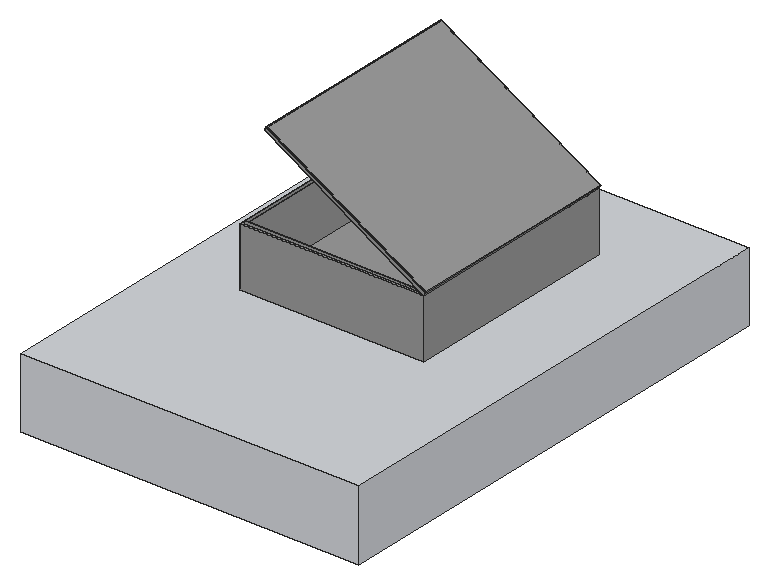
Revit family "Hager-Univers-IP55-D275-H950-Cl.I-Steel_encl-NL-en", category Equipement électrique, Revit 2020
Family settings
  Hôte = Face
  Configuration du panneau = Deux colonnes, circuits au sein
  Cote de connecteur circulaire = Utiliser le diamètre
  Type d'élément = Tableau de raccordement
  Couper avec des vides une fois chargée = Non
  Partagée = Non
  Point de calcul de pièce = Non
Parameters (values of type "Surface mounted (plaster) IP55 W800 H950 D275  - FR63E")
  Width Control [instance] = if([EF000008 - Width] > Min Width, [EF000008 - Width], Min Width)  # 800 mm
  Commentaires du type = [HG000003 - Range]  # "Univers"
  Thickness Door [instance] = if([EF009171 - Material plate thickness door/cover] > 3 mm, 3 mm, [EF009171 - Material plate thickness door/cover])  # 1.5 mm
  Seal Frame Offset [instance] = 17 mm  # constant formula
  Plinth Visibility [instance] = [HG000027 - Plinth height] > 0 mm  # no
  Model = ""
  Min Width [instance] = 100 mm  # constant formula
  Min Height [instance] = 100 mm  # constant formula
  Min Depth [instance] = (2 * [EF009170 - Material plate thickness cabinet]) + 1 mm  # 4 mm
  Internal Frame Depth [instance] = (Door System Depth * 0.5)  # 9 mm
  Height Control [instance] = if([EF000040 - Height] > Min Height, [EF000040 - Height], Min Height)  # 950 mm
  HG000027 - Plinth height = 0 mm
  HG000026 - Floor standing = no
  HG000024 - Bottom section height = 800 mm
  HG000023 - Double section enclosure = no
  HG000016 - Door 3d visibility [instance] = yes
  HG000015 - Clearance visibility [instance] = no
  HG000014 - Door on the right [instance] = yes
  HG000013 - Door on the left [instance] = not([HG000014 - Door on the right])  # no
  HG000012 - Door swing angle [instance] = 30.00°
  HG000010 - Asymmetric doors = no
  HG000009 - Double swing door = no
  HG000006 - Flush mounted = no
  HG000004 - Manufacturer reference = "FR63E"
  HG000003 - Range = "Univers"
  HG000002 - With door or cover = yes
  Frame Offset Bottom [instance] = 10 mm  # constant formula
  Frame Offset [instance] = 15 mm  # constant formula
  EF015940 - Cover with overpressure release = no
  EF011959 - Degree of protection (NEMA) = ""
  EF009554 - Number of openings for flange plates = 6
  EF009212 - Cover model = "EV000116 - Closed"
  EF009171 - Material plate thickness door/cover = 1.5 mm
  EF009170 - Material plate thickness cabinet = 1.5 mm
  Fabricant = "Hager"  # constant formula
  EF008873 - Nominal current (In) = 800 A
  EF007800 - Suitable for lightning protection = no
  EF006306 - With lock = no
  EF006244 - Transparent cover/door = no
  EF005474 - Degree of protection (IP) = "EV006420 - IP55"
  EF004464 - Type of door = "EV002646 - Single"
  EF004427 - Number of modules = 216
  EF004293 - Impact strength = "EV008784 - IK10"
  EF003532 - Suitable for outdoor use = no
  EF002950 - Width in number of modular spacings = 24
  EF001613 - Circuit integrity = "EV000494 - None"
  EF001596 - Material housing = "EV000179 - Steel"
  EF001131 - Internal depth = 275 mm
  EF001088 - Extension possible = yes
  EF000437 - Number of conduit inlets = 6
  EF000339 - Type of cover = "EV004216 - Door"
  EF000266 - Number of rows = 6
  EF000218 - Built-in depth = 0 mm
  EF000118 - With mounting plate = no
  EF000116 - RAL-number = "7035"
  EF000049 - Depth = 275 mm
  EF000040 - Height = 950 mm
  EF000008 - Width = 800 mm
  EF000007 - Colour = "EV000270 - Grey"
  EF000003 - Mounting method = "EV000384 - Surface mounted (plaster)"
  Door System Leaf Tolerance [instance] = 1.5 mm  # constant formula
  Door System Depth [instance] = 18 mm  # constant formula
  Door Height [instance] = Height Control - [HG000027 - Plinth height]  # 950 mm
  Depth Control [instance] = if([EF000049 - Depth] > Min Depth, [EF000049 - Depth], Min Depth)  # 275 mm
  Default Elevation = 0 mm
  Connector Offset [instance] = Height Control / 2  # 475 mm
  Bottom Top Plate Trim [instance] = 1.5 mm  # constant formula
  Plinth height Ctrl [instance] = if([HG000027 - Plinth height] > 0 mm, [HG000027 - Plinth height], 12 mm)  # 12 mm
Types (5, lengths in mm): name | Width Control | HG000010 - Asymmetric doors | HG000009 - Double swing door | HG000004 - Manufacturer reference | EF009554 - Number of openings for flange plates | EF004464 - Type of door | EF004427 - Number of modules | EF000437 - Number of conduit inlets | EF000008 - Width
  Surface mounted (plaster) IP55 W1050 H950 D275  - FR64E | 1050 | no | yes | "FR64E" | 8 | "EV003602 - Double" | 288 | 8 | 1050
  Surface mounted (plaster) IP55 W1300 H950 D275  - FR65E | 1300 | yes | yes | "FR65E" | 10 | "EV003602 - Double" | 360 | 10 | 1300
  Surface mounted (plaster) IP55 W300 H950 D275  - FR61E | 300 | no | no | "FR61E" | 2 | "EV002646 - Single" | 72 | 2 | 300
  Surface mounted (plaster) IP55 W550 H950 D275  - FR62E | 550 | no | no | "FR62E" | 4 | "EV002646 - Single" | 144 | 4 | 550
  Surface mounted (plaster) IP55 W800 H950 D275  - FR63E | 800 | no | no | "FR63E" | 6 | "EV002646 - Single" | 216 | 6 | 800
Reference planes
  plane 1 "Center (Front/Back)": y = 0
  plane 2: z = 0
  plane 3 "Center (Left/Right)": x = 0
  plane 4: z = 275
  plane 5: y = 1.5
  plane 6: y = 475
  plane 7: y = 0
  plane 8: y = 950
  plane 9: z = 0
  plane 10: x = -385
  plane 11: x = 385
  plane 12: x = 383.5
  plane 13: x = -383.5
  plane 14: y = 948.5
  plane 15: x = -383
  plane 16: x = -400
  plane 17: x = 383
  plane 18: x = 400
  plane 19: x = 398.5
  plane 20: x = -398.5
  plane 21: y = 11.5
  plane 22: y = 950
  plane 23: y = 933.5
  plane 24: z = 257
  plane 25: z = 1.5
  plane 26: z = 255.5
  plane 27: z = 273.5
Forms (mm)
  Extrusion 1, solid
    sketch origin (0, 0, 0) x (1, 0, 0) y (0, 1, 0)
      loop
        line (-702.964, 1305) -> (-702.964, -811.445) -> (766.763, -811.445) -> (766.763, 1305) -> (-702.964, 1305)
    from 0 to -304.8
  Extrusion 2, solid, material "Hager_Steel_RAL7035_Light_Grey", visible <- "Plinth Visibility", detail levels medium+fine
    sketch origin (0, 0, 0) x (1, 0, 0) y (0, 1, 0)
      loop
        line (-400, 0) -> (400, 0) -> (400, 12) -> (-400, 12) -> (-400, 0)
    from 0 to 257
  Extrusion 3, solid, material "Hager_Steel_RAL7035_Light_Grey", detail levels medium+fine
    sketch origin (0, 0, 0) x (1, 0, 0) y (0, 1, 0)
      loop
        line (-400, 0) -> (400, 0) -> (400, 950) -> (-400, 950) -> (-400, 0)
    from 0 to 257
  Extrusion 4, void
    sketch origin (0, 0, 0) x (1, 0, 0) y (0, 1, 0)
      loop
        line (-398.5, 1.5) -> (398.5, 1.5) -> (398.5, 948.5) -> (-398.5, 948.5) -> (-398.5, 1.5)
    from 1.5 to 255.5
  Extrusion 5, void
    sketch origin (-381.607, -4572, 257) x (0, -1, 0) y (-1, 0, 0)
      loop
        line (-4583.5, 1.893) -> (-5505.5, 1.893) -> (-5505.5, -765.107) -> (-4583.5, -765.107) -> (-4583.5, 1.893)
    from 0 to 1.5 <- "EF009170 - Material plate thickness cabinet"
  Extrusion 6, solid, material "Hager_Steel_RAL7035_Light_Grey", detail levels fine
    sketch origin (0, 0, 257) x (1, 0, 0) y (0, 1, 0)
      loop
        line (-383.5, 933.5) -> (-383.5, 11.5) -> (383.5, 11.5) -> (383.5, 933.5) -> (-383.5, 933.5)
      loop
        line (-385, 10) -> (385, 10) -> (385, 935) -> (-385, 935) -> (-385, 10)
    from 0 to 9 <- "Internal Frame Depth"
  Extrusion 7, solid, material "Hager_Steel_RAL7035_Light_Grey", detail levels coarse
    sketch origin (0, 0, 0) x (1, 0, 0) y (0, 1, 0)
      loop
        line (-400, 0) -> (400, 0) -> (400, 950) -> (-400, 950) -> (-400, 0)
    from 0 to 275
  Sweep 8, void
    path in 3D
      loop
        line (-400, 12, 0) -> (400, 12, 0) -> (400, 12, 257) -> (-400, 12, 257) -> (-400, 12, 0)
    profile origin (-400, 12, 128.5) x (-1, 0, 0) y (0, -1, 0)
      loop
        line (0, 0) -> (0, 1.5) -> (-1.5, 1.5)
        arc (-1.5, 1.5) -> (-1.061, 0.439) -> (0, 0) r 1.5
Cuts and joins
  Extrusion 4, Extrusion 5 cuts Extrusion 3
  Sweep 8 cuts Extrusion 2
Lines and regions (mm)
  Masking region 1
    outline origin (0, 0, 0) x (1, 0, 0) y (0, 0, 1)
      loop
        line (-400, 275) -> (-400, 0) -> (400, 0) -> (400, 275) -> (-400, 275)
  Masking region 2, detail levels medium+fine
    outline origin (0, 140, 0) x (0, 1, 0) y (0, 0, 1)
      loop
        line (-140, 0) -> (810, 0) -> (810, 257) -> (-140, 257) -> (-140, 0)
  Masking region 3, not visible, detail levels medium+fine
    outline origin (0, 297.922, 0) x (0, 1, 0) y (0, 0, 1)
      loop
        line (188.578, 0) -> (228.578, 0) -> (228.578, 263.5)
        arc (228.578, 263.5) -> (225.649, 270.571) -> (218.578, 273.5) r 10
        line (218.578, 273.5) -> (188.578, 273.5) -> (188.578, 0)
  Masking region 4, detail levels coarse
    outline origin (0, 0, 180) x (0, 1, 0) y (0, 0, 1)
      loop
        line (0, -180) -> (950, -180) -> (950, 95) -> (0, 95) -> (0, -180)
  Masking region 5, visible <- "Plinth Visibility", detail levels medium+fine
    outline origin (0, 52.24, 12.345) x (0, 0, -1) y (0, 1, 0)
      loop
        line (10.845, -40.24) -> (-243.155, -40.24)
        arc (-243.155, -40.24) -> (-243.594, -41.301) -> (-244.655, -41.74) r 1.5
        line (-244.655, -41.74) -> (-244.655, -52.24) -> (12.345, -52.24) -> (12.345, -41.74)
        arc (12.345, -41.74) -> (11.285, -41.301) -> (10.845, -40.24) r 1.5
  Masking region 6, detail levels medium+fine
    outline origin (-381.607, -4572, 257) x (-1, 0, 0) y (0, -1, 0)
      loop
        line (18.393, -5522) -> (18.393, -4572) -> (-781.607, -4572) -> (-781.607, -5522) -> (18.393, -5522)
  Masking region 7, visible <- "Plinth Visibility", detail levels medium+fine
    outline origin (-381.607, -4727, 257) x (-1, 0, 0) y (0, -1, 0)
      loop
        arc (16.893, -4739) -> (17.332, -4737.939) -> (18.393, -4737.5) r 1.5
        line (18.393, -4737.5) -> (18.393, -4727) -> (-781.607, -4727) -> (-781.607, -4737.5)
        arc (-781.607, -4737.5) -> (-780.546, -4737.939) -> (-780.107, -4739) r 1.5
        line (-780.107, -4739) -> (16.893, -4739)
  Masking region 8, detail levels coarse
    outline origin (-442.548, -4669.526, 257) x (-1, 0, 0) y (0, -1, 0)
      loop
        line (-42.548, -5619.526) -> (-42.548, -4669.526) -> (-842.548, -4669.526) -> (-842.548, -5619.526) -> (-42.548, -5619.526)
  sketch lines
    curve 1: line (-400, 12, 257) -> (-400, 12, 0)
    curve 2: line (400, 12, 257) -> (-400, 12, 257)
    curve 3: line (400, 12, 257) -> (400, 12, 0)
    curve 4: line (-400, 12, 0) -> (400, 12, 0)
Dimensions and locks
  "Depth Control": plane 4 to Extrusion 1
  "HG000027 - Plinth height": plane 1 "Center (Front/Back)" to plane 7
  "EF009170 - Material plate thickness cabinet": plane 5 to plane 7
  locked: connector elem to plane 3 "Center (Left/Right)"
  equal spacing: plane 8, plane 6, plane 7
  locked: connector elem to plane 6
  "EF009170 - Material plate thickness cabinet": plane 8 to plane 14
  "EF009170 - Material plate thickness cabinet": plane 10 to plane 13
  "EF009170 - Material plate thickness cabinet": plane 12 to plane 11
  "Frame Offset": plane 20 to plane 13
  "Frame Offset": plane 12 to plane 19
  "EF009170 - Material plate thickness cabinet": plane 16 to plane 20
  "EF009170 - Material plate thickness cabinet": plane 19 to plane 18
  "Seal Frame Offset": plane 16 to plane 15
  "Seal Frame Offset": plane 17 to plane 18
  "Frame Offset Bottom": plane 21 to plane 5
  "Frame Offset": plane 14 to plane 23
  equal spacing: plane 16, plane 3 "Center (Left/Right)", plane 18
  "Width Control": plane 16 to plane 18
  "EF009170 - Material plate thickness cabinet": plane 4 to plane 27
  "EF009170 - Material plate thickness cabinet": plane 24 to plane 26
  "EF009170 - Material plate thickness cabinet": plane 25 to level
  "Door System Depth": plane 4 to plane 24
  "Height Control": plane 1 "Center (Front/Back)" to Extrusion 7 sketch curve
  "Height Control": Masking region 4 sketch curve to plane 1 "Center (Front/Back)"
  "Height Control": plane 1 "Center (Front/Back)" to plane 22
  "Bottom Top Plate Trim": profile plane to Sweep 8 sketch curve
  "Bottom Top Plate Trim": Sweep 8 sketch curve to profile plane
  "Plinth height Ctrl": plane 1 "Center (Front/Back)" to Extrusion 2 sketch curve
  "Plinth height Ctrl": Masking region 5 sketch curve to plane 1 "Center (Front/Back)"
  "Plinth height Ctrl": plane 1 "Center (Front/Back)" to Masking region 7 sketch curve
  "Thickness Door": Extrusion 6 sketch curve to Extrusion 6 sketch curve  (x3)
  "Thickness Door": cut or joined group of Extrusion 3, Extrusion 4, Extrusion 5 to Extrusion 6 sketch curve
  radius of Masking region 3 sketch curve = 10 mm
  "Bottom Top Plate Trim": radius of Masking region 5 sketch curve  (x2)
  "Bottom Top Plate Trim": radius of Sweep 8 sketch curve
  "Bottom Top Plate Trim": radius of Masking region 7 sketch curve  (x2)
  aligned and locked: plane 2 to Extrusion 1
  aligned and locked: level to Extrusion 1
  aligned and locked: level to Masking region 1 sketch curve
  aligned and locked: Masking region 1 sketch curve to plane 18
  aligned and locked: Masking region 1 sketch curve to plane 16
  aligned and locked: plane 7 to Masking region 2 sketch curve
  aligned and locked: level to Masking region 3 sketch curve
  aligned and locked: Masking region 3 sketch curve to plane 27
  aligned and locked: level to Masking region 2 sketch curve
  aligned and locked: plane 1 "Center (Front/Back)" to Extrusion 2 sketch curve
  aligned and locked: Extrusion 3 sketch curve to plane 7
  aligned and locked: plane 16 to Extrusion 3 sketch curve
  aligned and locked: plane 18 to Extrusion 3 sketch curve
  aligned and locked: plane 20 to Extrusion 4 sketch curve
  aligned and locked: plane 19 to Extrusion 4 sketch curve
  aligned and locked: Extrusion 4 sketch curve to plane 5
  aligned and locked: Extrusion 4 to plane 25
  aligned and locked: plane 26 to Extrusion 4
  aligned and locked: plane 24 to Extrusion 3
  aligned and locked: Extrusion 5 sketch curve to plane 21
  aligned and locked: Extrusion 5 sketch curve to plane 13
  aligned and locked: Extrusion 5 sketch curve to plane 12
  aligned and locked: plane 18 to Extrusion 7 sketch curve
  aligned and locked: plane 1 "Center (Front/Back)" to Extrusion 7 sketch curve
  aligned and locked: plane 16 to Extrusion 7 sketch curve
  aligned and locked: plane 4 to Extrusion 7
  aligned and locked: Extrusion 7 to level
  aligned and locked: level to Masking region 4 sketch curve
  aligned and locked: Masking region 4 sketch curve to plane 1 "Center (Front/Back)"
  aligned and locked: Masking region 4 sketch curve to plane 4
  aligned and locked: nested 1 to level
  aligned and locked: nested 1 to plane 16
  aligned and locked: plane 8 to Extrusion 3 sketch curve
  aligned and locked: plane 23 to Extrusion 5 sketch curve
  aligned and locked: plane 14 to Extrusion 4 sketch curve
  aligned and locked: Masking region 2 sketch curve to plane 8
  aligned and locked: level to Masking region 5 sketch curve
  aligned and locked: plane 16 to Extrusion 2 sketch curve
  aligned and locked: plane 18 to Extrusion 2 sketch curve
  aligned and locked: Masking region 5 sketch curve to plane 24
  aligned and locked: Masking region 2 sketch curve to plane 24
  aligned and locked: plane 24 to Extrusion 2
  aligned and locked: profile plane to Sweep 8 sketch curve  (x2)
  aligned and locked: Masking region 6 sketch curve to plane 18
  aligned and locked: Masking region 6 sketch curve to plane 22
  aligned and locked: Masking region 6 sketch curve to plane 16
  aligned and locked: plane 8 to plane 22
  aligned and locked: Masking region 6 sketch curve to plane 7
  aligned and locked: Masking region 7 sketch curve to plane 16
  aligned and locked: Masking region 7 sketch curve to plane 1 "Center (Front/Back)"
  aligned and locked: Masking region 7 sketch curve to plane 18
  aligned and locked: Masking region 8 sketch curve to plane 1 "Center (Front/Back)"
  aligned and locked: Masking region 8 sketch curve to plane 18
  aligned and locked: Masking region 8 sketch curve to plane 22
  aligned and locked: Masking region 8 sketch curve to plane 16
  aligned and locked: nested 2 to plane 7
  aligned and locked: plane 3 "Center (Left/Right)" to nested 2
  aligned and locked: nested 2 to plane 24
  aligned and locked: Extrusion 6 sketch curve to cut or joined group of Extrusion 3, Extrusion 4, Extrusion 5  (x4)
Automatic sketch dimensions
  Extrusion 1 sketch curve to Extrusion 1 sketch curve = 1469.727 mm
  Extrusion 1 sketch curve to Extrusion 1 sketch curve = 2116.445 mm
  Masking region 1 sketch curve to plane 4 = 0 mm
  plane 6 to Masking region 3 sketch curve = 11.5 mm
  Masking region 3 sketch curve to Masking region 3 sketch curve = 30 mm
  Masking region 5 sketch curve to plane 1 "Center (Front/Back)" = 0 mm
Nested families
  nested 1: "Hager_Enclosure_Symbol" at (-400, 0, 0) x (1, 0, 0) z (0, -1, 0), Height <- "Depth Control", Width <- "Width Control", type "Hager_Enclosure_Symbol"
    with Width_Ctrl 800 mm, Width 800 mm, Height_Ctrl 275 mm, Height 275 mm, A_Width_Int 18.047 mm, A_Width 216.562 mm, A_Height_Ctrl 240.625 mm, A_Height 240.625 mm
  nested 2: "EC000058_Univers_Door" at (0, 0, 257) x (1, 0, 0) z (0, 1, 0), Leaf_Tolerance <- "Door System Leaf Tolerance", Angle <- "HG000012 - Door swing angle", Door_Depth <- "Door System Depth", Door_Left <- "HG000013 - Door on the left", Transparent <- "EF006244 - Transparent cover/door", Assymetrical <- "HG000010 - Asymmetric doors", Width <- "Width Control", Clearance <- "HG000015 - Clearance visibility", Double <- "HG000009 - Double swing door", 3d_Door <- "HG000016 - Door 3d visibility", Lock_Visibility <- "EF006306 - With lock", Width_Ctrl <- "Width Control", Door_Right <- "HG000014 - Door on the right", Door <- "HG000002 - With door or cover", Height <- "Door Height", Thickness <- "Thickness Door", type "EC000058_Univers_Door", detail levels medium+fine
    with min_wh 4 mm, Width_Ctrl 800 mm, Width 800 mm, Transparent no, Thickness 1.5 mm, Seal_Material Hager_Rubber, Lock_Visibility no, Lock_Material Hager_Plastic_RAL9005_Jet_Black, Leaf_Width 800 mm, Leaf_Tolerance_External_Sides 0 mm, Leaf_Tolerance 1.5 mm, Leaf_Offset 0 mm, Leaf_Height 947 mm, Leaf_2_Width 800 mm, Leaf_2_Offset 400 mm, Leaf_1_Width 800 mm, Leaf_1_Offset 400 mm, Height_Ctrl 950 mm, Height 950 mm, Glass_Material Hager_Glass, Double_Clearance_Ctrl no, Double no, Door_Right_Ctrl yes, Door_Right yes, Door_Material Hager_Steel_RAL7035_Light_Grey, Door_Left_Ctrl no, Door_Left no, Door_Depth 18 mm, Door yes, Clearance_Material Hager_Clearance, Clearance_Depth 800 mm, Clearance_Ctrl no, Clearance no, Assymetrical no, Angle 30.00°, 3d_Door yes
Connectors
  electrical at (0, 475, 0)
    settings: on plane 9, index 1, voltage 0 V, apparent load 0 VA, apparent load phase1 0 VA, apparent load phase2 0 VA, apparent load phase3 0 VA, power factor 1, load classification "Other", number of poles 1, system type 30, power factor state 1, is connector primary yes, connector utility no, sub classification motor no, connector description ""
Definition of nested family "EC000058_Univers_Door"
  Parameters (values of type "EC000058_Univers_Door")
    min_wh [instance] = (2 * Thickness) + 1 mm  # 11 mm
    Width_Ctrl [instance] = 400 mm
    Width [instance] = 500 mm
    Transparent [instance] = yes
    Thickness [instance] = 5 mm
    Seal_Material [instance] = none
    Lock_Visibility [instance] = yes
    Lock_Material [instance] = none
    Leaf_Width [instance] = if((Width_Ctrl - 2 * Leaf_Tolerance_External_Sides) > 0 mm, (Width_Ctrl - 2 * Leaf_Tolerance_External_Sides), min_wh)  # 400 mm
    Leaf_Tolerance_External_Sides [instance] = 0 mm  # constant formula
    Leaf_Tolerance [instance] = 1.5 mm
    Leaf_Offset [instance] = 0 mm  # constant formula
    Leaf_Height [instance] = if((Height_Ctrl - 2 * Leaf_Tolerance) > 0 mm, (Height_Ctrl - 2 * Leaf_Tolerance), min_wh)  # 497 mm
    Leaf_2_Width [instance] = if(and(and(Double, Assymetrical), Door_Left), (Leaf_Width / 3) - (Leaf_Tolerance / 2), if(and(and(Double, Assymetrical), Door_Right), (Leaf_Width / 3) * 2 - (Leaf_Tolerance / 2), if(and(Double, not(Assymetrical)), (Leaf_Width / 2) - Leaf_Tolerance, Leaf_Width)))  # 400 mm
    Leaf_2_Offset [instance] = if(and(Double, Assymetrical), Leaf_2_Width / 2, if(and(Double, not(Assymetrical)), Leaf_Width / 4, Leaf_Width / 2))  # 200 mm
    Leaf_1_Width [instance] = if(and(and(Double, Assymetrical), Door_Right), (Leaf_Width / 3) - (Leaf_Tolerance / 2), if(and(and(Double, Assymetrical), Door_Left), (Width / 3) * 2 - (Leaf_Tolerance / 2), if(and(Double, not(Assymetrical)), (Leaf_Width / 2) - Leaf_Tolerance, Leaf_Width)))  # 400 mm
    Leaf_1_Offset [instance] = if(and(Double, Assymetrical), Leaf_1_Width / 2, if(and(Double, not(Assymetrical)), Leaf_Width / 4, Leaf_Width / 2))  # 200 mm
    Height_Ctrl [instance] = if(Height > min_wh, Height, min_wh)  # 500 mm
    Height [instance] = 500 mm
    Glass_Material [instance] = none
    Double_Clearance_Ctrl [instance] = and(Double, Clearance)  # no
    Double [instance] = no
    Door_Right_Ctrl [instance] = and(or(Door_Right, Double), Door)  # yes
    Door_Right [instance] = yes
    Door_Material [instance] = none
    Door_Left_Ctrl [instance] = and(or(Door_Left, Double), Door)  # no
    Door_Left [instance] = no
    Door_Depth [instance] = 30 mm
    Door [instance] = yes
    Default Elevation = 1219.2 mm
    Clearance_Material [instance] = none
    Clearance_Depth [instance] = if(Leaf_1_Width > Leaf_2_Width, Leaf_1_Width, Leaf_2_Width)  # 400 mm
    Clearance_Ctrl [instance] = and(not(Double), Clearance)  # yes
    Clearance [instance] = yes
    Assymetrical [instance] = yes
    Angle [instance] = 30.00°
    3d_Door [instance] = yes
  Reference planes
    plane 1 "Center (Front/Back)": y = 0
    plane 2 "Bottom": z = 0
    plane 3 "Center (Left/Right)": x = 0
    plane 4: z = 500
    plane 5: x = -200
    plane 6: x = 200
    plane 7: z = 500
    plane 8: x = -200
    plane 9: z = 0
    plane 10: x = 200
    plane 11: y = 0
    plane 12: z = 1.5
    plane 13: x = -600
    plane 14: y = -400
    plane 15: x = 600
    plane 16: x = 0
    plane 17: x = 0
    plane 18: x = -200
    plane 19: x = 200
    plane 20: z = 498.5
  Forms (mm)
    Extrusion 1, solid, material <- "Clearance_Material", visible <- "Double_Clearance_Ctrl"
      sketch origin (1200, 0, 0) x (1, 0, 0) y (0, 0, -1)
        loop
          line (-1800, -498.5) -> (-600, -498.5) -> (-600, 0) -> (-1800, 0) -> (-1800, -498.5)
      from 0 to -400
  Dimensions and locks
    equal spacing: plane 5, plane 3 "Center (Left/Right)", plane 6
    "Width_Ctrl": plane 5 to plane 6
    "Leaf_Offset": plane 5 to plane 8
    "Leaf_Offset": plane 6 to plane 10
    "Leaf_Offset": plane 9 to level
    "Leaf_Offset": plane 4 to plane 7
    "Height_Ctrl": plane 4 to level
    "Leaf_Tolerance": plane 12 to plane 9
    locked: plane 11 to plane 1 "Center (Front/Back)"
    "Leaf_1_Offset": plane 18 to plane 16
    "Leaf_2_Offset": plane 17 to plane 19
    "Leaf_1_Width": plane 13 to plane 8
    "Leaf_2_Width": plane 10 to plane 15
    "Clearance_Depth": plane 14 to plane 1 "Center (Front/Back)"
    "Leaf_Tolerance_External_Sides": plane 8 to plane 18
    "Leaf_Tolerance_External_Sides": plane 19 to plane 10
    "Leaf_Tolerance": plane 7 to plane 20
    aligned and locked: level to plane 2 "Bottom"
    aligned and locked: nested 1 to plane 16
    aligned and locked: nested 2 to plane 17
    aligned and locked: Extrusion 1 to plane 13
    aligned and locked: plane 15 to Extrusion 1
    aligned and locked: Extrusion 1 to plane 14
    aligned and locked: plane 12 to nested 1
    aligned and locked: nested 2 to plane 12
    aligned and locked: Extrusion 1 to plane 11
    aligned and locked: plane 20 to Extrusion 1
    aligned and locked: nested 2 to plane 11
    aligned and locked: nested 1 to plane 11
  Automatic sketch dimensions
    Extrusion 1 sketch curve to level = 0 mm
    plane 5 to Extrusion 1 sketch curve = 400 mm
    plane 6 to Extrusion 1 sketch curve = 400 mm
    Extrusion 1 sketch curve to plane 4 = 1.5 mm
  Nested families
    nested 1: "EC000058_Univers_Door_Leaf" at (0, 0, 1.5), Width <- "Leaf_1_Width", visible <- "Door_Left_Ctrl", Leaf_Height <- "Leaf_Height", Angle <- "Angle", 3d_Door <- "3d_Door", Transparent <- "Transparent", Clearance Material <- "Clearance_Material", Clearance <- "Clearance_Ctrl", Door_Material <- "Door_Material", Glass_Material <- "Glass_Material", Door_Depth <- "Door_Depth", Lock_Material <- "Lock_Material", Seal_Material <- "Seal_Material", Lock_Visibility <- "Lock_Visibility", Thickness <- "Thickness", type "EC000058_Univers_Door_Leaf"
      with Width 400 mm, Transparent_Glass_Offset 30 mm, Transparent_Ctrl yes, Transparent yes, Thickness 5 mm, Standard no, Seal_Material none, Seal_D2 8 mm, Seal_D1 1 mm, Offset_Internal_Frame 10 mm, Lock_Width 20 mm, Lock_Visibility_3d yes, Lock_Visibility yes, Lock_Thickness_3 3 mm, Lock_Thickness_2 1 mm, Lock_Thickness_1 3 mm, Lock_Radius_Offset_2 16 mm, Lock_Radius_Offset_1 15 mm, Lock_Radius_2 5 mm, Lock_Radius 6 mm, Lock_Offset 5 mm, Lock_Material none, Lock_Height 80 mm, Lock_Cover_Top_Offset_2d 17 mm, Lock_Cover_Height -65 mm, Leaf_Height 497 mm, Internal_Seal_Thickness 8 mm, Internal_Seal_Depth_2 4.5 mm, Internal_Frame_Depth 25 mm, Glass_Thickness -1 mm, Glass_Offset -2 mm, Glass_Material none, Door_Material none, Door_Depth 30 mm, Clearance Material none, Clearance yes, Angle_Ctrl 30.00°, Angle 30.00°, 3d_Door yes
    nested 2: "EC000058_Univers_Door_Leaf" at (0, 0, 1.5) x (-1, 0, 0) z (0, 0, 1), Width <- "Leaf_2_Width", visible <- "Door_Right_Ctrl", Leaf_Height <- "Leaf_Height", Angle <- "Angle", 3d_Door <- "3d_Door", Transparent <- "Transparent", Clearance Material <- "Clearance_Material", Clearance <- "Clearance_Ctrl", Door_Material <- "Door_Material", Glass_Material <- "Glass_Material", Door_Depth <- "Door_Depth", Lock_Material <- "Lock_Material", Seal_Material <- "Seal_Material", Lock_Visibility <- "Lock_Visibility", Thickness <- "Thickness", type "EC000058_Univers_Door_Leaf"
      with Width 400 mm, Transparent_Glass_Offset 30 mm, Transparent_Ctrl yes, Transparent yes, Thickness 5 mm, Standard no, Seal_Material none, Seal_D2 8 mm, Seal_D1 1 mm, Offset_Internal_Frame 10 mm, Lock_Width 20 mm, Lock_Visibility_3d yes, Lock_Visibility yes, Lock_Thickness_3 3 mm, Lock_Thickness_2 1 mm, Lock_Thickness_1 3 mm, Lock_Radius_Offset_2 16 mm, Lock_Radius_Offset_1 15 mm, Lock_Radius_2 5 mm, Lock_Radius 6 mm, Lock_Offset 5 mm, Lock_Material none, Lock_Height 80 mm, Lock_Cover_Top_Offset_2d 17 mm, Lock_Cover_Height -65 mm, Leaf_Height 497 mm, Internal_Seal_Thickness 8 mm, Internal_Seal_Depth_2 4.5 mm, Internal_Frame_Depth 25 mm, Glass_Thickness -1 mm, Glass_Offset -2 mm, Glass_Material none, Door_Material none, Door_Depth 30 mm, Clearance Material none, Clearance yes, Angle_Ctrl 30.00°, Angle 30.00°, 3d_Door yes
  Definition of nested family "EC000058_Univers_Door_Leaf"
    Parameters (values of type "EC000058_Univers_Door_Leaf")
      Width [instance] = 2000 mm
      Transparent_Glass_Offset [instance] = 30 mm
      Transparent_Ctrl [instance] = and(Transparent, [3d_Door])  # yes
      Transparent [instance] = yes
      Thickness [instance] = 5 mm
      Standard [instance] = and(not(Transparent), [3d_Door])  # no
      Seal_Material [instance] = none
      Seal_D2 [instance] = 8 mm  # constant formula
      Seal_D1 [instance] = 1 mm  # constant formula
      Offset_Internal_Frame [instance] = 10 mm  # constant formula
      Lock_Width [instance] = 20 mm  # constant formula
      Lock_Visibility_3d [instance] = and(Lock_Visibility, [3d_Door])  # yes
      Lock_Visibility [instance] = yes
      Lock_Thickness_3 [instance] = 3 mm  # constant formula
      Lock_Thickness_2 [instance] = 1 mm  # constant formula
      Lock_Thickness_1 [instance] = 3 mm  # constant formula
      Lock_Radius_Offset_2 [instance] = Lock_Radius_Offset_1 + 1 mm  # 16 mm
      Lock_Radius_Offset_1 [instance] = 15 mm  # constant formula
      Lock_Radius_2 [instance] = Lock_Radius - 1 mm  # 5 mm
      Lock_Radius [instance] = 6 mm  # constant formula
      Lock_Offset [instance] = 5 mm  # constant formula
      Lock_Material [instance] = none
      Lock_Height [instance] = 80 mm  # constant formula
      Lock_Cover_Top_Offset_2d [instance] = Lock_Radius_Offset_2 + 1 mm  # 17 mm
      Lock_Cover_Height [instance] = -(Lock_Height - Lock_Radius_Offset_1)  # -65 mm
      Leaf_Height [instance] = 2720.336 mm
      Internal_Seal_Thickness [instance] = 8 mm  # constant formula
      Internal_Seal_Depth_2 [instance] = 4.5 mm  # constant formula
      Internal_Frame_Depth [instance] = if(Door_Depth - Thickness > 5 mm, Door_Depth - Thickness, 5 mm)  # 25 mm
      Glass_Thickness [instance] = if(Thickness > 15 mm, Glass_Offset + 10 mm, -1 mm)  # -1 mm
      Glass_Offset [instance] = if(Thickness > 15 mm, -(Thickness + 10 mm) / 2, -2 mm)  # -2 mm
      Glass_Material [instance] = none
      Door_Material [instance] = none
      Door_Depth [instance] = 30 mm
      Default Elevation = 0 mm
      Clearance Material [instance] = none
      Clearance [instance] = yes
      Angle_Ctrl [instance] = if(Angle > 180.00°, 180.00°, Angle)  # 90.00°
      Angle [instance] = 90.00°
      3d_Door [instance] = yes
    Reference planes
      plane 1 "Center (Front/Back)": y = 0
      plane 2: z = 0
      plane 3 "Center (Left/Right)": x = 0
      plane 4: y = 2000
      plane 5: x = -1000
      plane 6: x = 1000
      plane 7: x = -3000
      plane 8: z = 2720.336
      plane 9: z = 30
      plane 10: z = 2690.336
      plane 11: x = 970
      plane 12: x = -970
      plane 13: y = -3
      plane 14: z = 107.833
      plane 15: y = -5
      plane 16: y = -223.314
      plane 17: x = -1000
      plane 18: z = 1360.168
      plane 19: y = 30
    Forms (mm)
      Extrusion 1, solid, material <- "Clearance Material", visible <- "Clearance"
        sketch origin (0, 0, 0) x (1, 0, 0) y (0, 0, 1)
          loop
            line (-3000, 2720.336) -> (-3000, 0) -> (1000, 0) -> (1000, 2720.336) -> (-3000, 2720.336)
        from 0 to -2000
      Extrusion 2, solid, material <- "Door_Material", visible <- "Standard", detail levels medium+fine
        sketch origin (-1000, 0, 0) x (0, 1, 0) y (-1, 0, 0)
          loop
            line (0, 30) -> (0, 25) -> (2000, 25) -> (2000, 30) -> (0, 30)
        from 0 to 2720.336 <- "Leaf_Height"
      Extrusion 3, solid, material <- "Door_Material", visible <- "Transparent_Ctrl", detail levels medium+fine
        sketch origin (-1000, 0, 0) x (0, 1, 0) y (-1, 0, 0)
          loop
            line (0, 25) -> (2000, 25) -> (2000, 30) -> (0, 30) -> (0, 25)
        from 0 to 2720.336 <- "Leaf_Height"
      Extrusion 4, void
        sketch origin (-1025, 2000, 0) x (0, 1, 0) y (0, 0, -1)
          loop
            line (-30, -2690.336) -> (-30, -30) -> (-1970, -30) -> (-1970, -2690.336) -> (-30, -2690.336)
        from 0 to 5 <- "Thickness"
      Sweep 5, solid, material <- "Seal_Material", visible <- "Transparent_Ctrl", detail levels fine
        path in 3D
          loop
            line (-1025, 30, 30) -> (-1025, 30, 2690.336) -> (-1025, 1970, 2690.336) -> (-1025, 1970, 30) -> (-1025, 30, 30)
        profile origin (-1025, 1000, 30) x (1, 0, 0) y (0, 0, 1)
          loop
            line (0, 0) -> (0, -8) -> (1, -8) -> (1, 0) -> (0, 0)
      Extrusion 6, solid, material <- "Glass_Material", visible <- "Transparent_Ctrl", detail levels medium+fine
        sketch origin (-1030, 0, 0) x (0, 1, 0) y (0, 0, -1)
          loop
            line (1970, -2690.336) -> (1970, -30) -> (30, -30) -> (30, -2690.336) -> (1970, -2690.336)
        from -2 <- "Glass_Offset" to -1 <- "Glass_Thickness"
      Extrusion 7, solid, material <- "Door_Material", visible <- "3d_Door", detail levels medium+fine
        sketch origin (-1025, 2000, 0) x (0, -1, 0) y (0, 0, -1)
          loop
            line (0, -2720.336) -> (2000, -2720.336) -> (2000, 0) -> (0, 0) -> (0, -2720.336)
          loop
            line (1995, -5) -> (5, -5) -> (5, -2715.336) -> (1995, -2715.336) -> (1995, -5)
        from 0 to 25 <- "Internal_Frame_Depth"
      Sweep 8, solid, material <- "Seal_Material", visible <- "Transparent_Ctrl", detail levels fine
        path in 3D
          loop
            line (-1025, 0, 0) -> (-1025, 2000, 0) -> (-1025, 2000, 2720.336) -> (-1025, 0, 2720.336) -> (-1025, 0, 0)
        profile origin (-1025, 0, 1360.168) x (1, 0, 0) y (0, 1, 0)
          loop
            line (0, 10) -> (2.975, 10)
            arc (2.975, 10) -> (4.053, 10.447) -> (4.5, 11.525) r 1.525
            line (4.5, 11.525) -> (4.5, 16.527)
            arc (4.5, 16.527) -> (4.069, 17.569) -> (3.027, 18) r 1.473
            line (3.027, 18) -> (0, 18) -> (0, 10)
      Extrusion 9, solid, material <- "Lock_Material", visible <- "Lock_Visibility_3d", detail levels fine
        sketch origin (-1030, 0, 0) x (0, 1, 0) y (0, 0, -1)
          loop
            arc (1993.5, -1400.168) -> (1994.561, -1399.729) -> (1995, -1398.668) r 1.5
            line (1995, -1398.668) -> (1995, -1320.168) -> (1975, -1320.168) -> (1975, -1398.668)
            arc (1975, -1398.668) -> (1975.439, -1399.729) -> (1976.5, -1400.168) r 1.5
            line (1976.5, -1400.168) -> (1993.5, -1400.168)
        from 3 <- "Lock_Thickness_1" to 0
      Blend 10, solid, material <- "Lock_Material", visible <- "Lock_Visibility_3d", detail levels fine
        base sketch origin (-1033, 0, 0) x (0, 1, 0) y (0, 0, -1)
          loop
            line (1975, -1320.168) -> (1975, -1398.668)
            arc (1975, -1398.668) -> (1975.439, -1399.729) -> (1976.5, -1400.168) r 1.5
            line (1976.5, -1400.168) -> (1993.5, -1400.168)
            arc (1993.5, -1400.168) -> (1994.561, -1399.729) -> (1995, -1398.668) r 1.5
            line (1995, -1398.668) -> (1995, -1320.168) -> (1975, -1320.168)
        top sketch origin (-1033, 0, 0) x (0, 1, 0) y (0, 0, -1)
          loop
            line (1976, -1320.168) -> (1976, -1398.668)
            arc (1976, -1398.668) -> (1976.146, -1399.022) -> (1976.5, -1399.168) r 0.5
            line (1976.5, -1399.168) -> (1993.5, -1399.168)
            arc (1993.5, -1399.168) -> (1993.854, -1399.022) -> (1994, -1398.668) r 0.5
            line (1994, -1398.668) -> (1994, -1320.168) -> (1976, -1320.168)
        from 0 to 1 <- "Lock_Thickness_2"
      Blend 11, solid, material <- "Lock_Material", visible <- "Lock_Visibility_3d", detail levels fine
        base sketch origin (-1034, 0, 0) x (0, 1, 0) y (0, 0, -1)
          loop
            line (1978, -1320.168) -> (1978, -1384.168)
            arc (1978, -1384.168) -> (1985, -1391.168) -> (1992, -1384.168) r 7
            line (1992, -1384.168) -> (1992, -1320.168) -> (1978, -1320.168)
        top sketch origin (-1034, 0, 0) x (0, 1, 0) y (0, 0, -1)
          loop
            line (1991, -1320.168) -> (1979, -1320.168) -> (1979, -1383.168)
            arc (1979, -1383.168) -> (1985, -1389.168) -> (1991, -1383.168) r 6
            line (1991, -1383.168) -> (1991, -1320.168)
        from 0 to 3 <- "Lock_Thickness_3"
      Extrusion 12, solid, material <- "Lock_Material", visible <- "Lock_Visibility_3d", detail levels fine
        sketch origin (-1030, 1975, 1320.168) x (1, 0, 0) y (0, -1, 0)
          loop
            line (-7, -19) -> (-7, -1) -> (0, -1) -> (0, 0) -> (-8, 0) -> (-8, -20) -> (0, -20) -> (0, -19) -> (-7, -19)
        from 0 to -65 <- "Lock_Cover_Height"
      Extrusion 13, void
        sketch origin (-1038, 1995, 1320.168) x (-1, 0, 0) y (0, 0, -1)
          loop
            line (-5, -65) -> (0, -65) -> (-5, -60) -> (-5, -65)
        from 0 to 20 <- "Lock_Width"
      Extrusion 14, void
        sketch origin (-1038, 1975, 1320.168) x (0, -1, 0) y (0, 0, -1)
          loop
            circle (-10, -15.995) r 6
          loop
            circle (-10, -15.995) r 5
        from 0 to 2
      Extrusion 15, solid, material <- "Lock_Material", visible <- "Lock_Visibility_3d", detail levels medium
        sketch origin (-1030, 0, 0) x (0, 1, 0) y (0, 0, -1)
          loop
            arc (1993.5, -1400.168) -> (1994.561, -1399.729) -> (1995, -1398.668) r 1.5
            line (1995, -1398.668) -> (1995, -1320.168) -> (1975, -1320.168) -> (1975, -1398.668)
            arc (1975, -1398.668) -> (1975.439, -1399.729) -> (1976.5, -1400.168) r 1.5
            line (1976.5, -1400.168) -> (1993.5, -1400.168)
        from 8 to 0
    Cuts and joins
      Extrusion 4 cuts Extrusion 3
      Extrusion 13, Extrusion 14 cuts Extrusion 9
      Extrusion 14 cuts Blend 11
      Extrusion 13, Extrusion 14 cuts Extrusion 12
      joined: Extrusion 9, Blend 10, Blend 11, Extrusion 12
      Extrusion 14 cuts Extrusion 15
    Lines and regions (mm)
      Masking region 1, visible <- "Lock_Visibility", detail levels fine
        outline origin (0, 0, 0) x (0, 1, 0) y (0, 0, 1)
          loop
            line (30, 1320.168) -> (33, 1320.168) -> (33, 1400.168) -> (30, 1400.168) -> (30, 1320.168)
      Masking region 2, visible <- "Lock_Visibility", detail levels fine
        outline origin (0, 3.143, 0) x (0, 1, 0) y (0, 0, 1)
          loop
            line (29.857, 1354.168) -> (30.857, 1354.168) -> (30.857, 1366.168) -> (29.857, 1366.168) -> (29.857, 1354.168)
      Masking region 3, detail levels medium+fine
        outline origin (0, 0, 0) x (0, 1, 0) y (0, 0, 1)
          loop
            line (0, 0) -> (30, 0) -> (30, 2720.336) -> (0, 2720.336) -> (0, 0)
      Masking region 4, detail levels medium+fine
        outline origin (0, 0, 0) x (1, 0, 0) y (0, 0, 1)
          loop
            line (-1000, 2720.336) -> (-1000, 0) -> (1000, 0) -> (1000, 2720.336) -> (-1000, 2720.336)
      Masking region 5, visible <- "Lock_Visibility", detail levels fine
        outline origin (-47.116, 0, 0) x (1, 0, 0) y (0, 0, 1)
          loop
            arc (1024.616, 1399.168) -> (1023.556, 1398.729) -> (1023.116, 1397.668) r 1.5
            line (1023.116, 1397.668) -> (1023.116, 1320.168) -> (1041.116, 1320.168) -> (1041.116, 1397.668)
            arc (1041.116, 1397.668) -> (1040.677, 1398.729) -> (1039.616, 1399.168) r 1.5
            line (1039.616, 1399.168) -> (1024.616, 1399.168)
      Masking region 6, visible <- "Lock_Visibility", detail levels medium+fine
        outline origin (-25, 0, 0) x (1, 0, 0) y (0, 0, 1)
          loop
            arc (1001.5, 1400.168) -> (1000.439, 1399.729) -> (1000, 1398.668) r 1.5
            line (1000, 1398.668) -> (1000, 1320.168) -> (1020, 1320.168) -> (1020, 1398.668)
            arc (1020, 1398.668) -> (1019.561, 1399.729) -> (1018.5, 1400.168) r 1.5
            line (1018.5, 1400.168) -> (1001.5, 1400.168)
      Masking region 7, visible <- "Lock_Visibility", detail levels fine
        outline origin (-73.735, 0, 0) x (1, 0, 0) y (0, 0, 1)
          loop
            line (1051.735, 1382.168) -> (1065.735, 1382.168) -> (1065.735, 1384.168)
            arc (1065.735, 1384.168) -> (1058.735, 1391.168) -> (1051.735, 1384.168) r 7
            line (1051.735, 1384.168) -> (1051.735, 1382.168)
      Masking region 8, visible <- "Lock_Visibility", detail levels fine
        outline origin (-73.735, 0, 0) x (1, 0, 0) y (0, 0, 1)
          loop
            line (1052.735, 1382.168) -> (1064.735, 1382.168) -> (1064.735, 1383.168)
            arc (1064.735, 1383.168) -> (1058.735, 1389.168) -> (1052.735, 1383.168) r 6
            line (1052.735, 1383.168) -> (1052.735, 1382.168)
      Masking region 9, visible <- "Lock_Visibility", detail levels fine
        outline origin (-25, 0, 0) x (1, 0, 0) y (0, 0, 1)
          loop
            line (1020, 1320.168) -> (1020, 1382.168) -> (1000, 1382.168) -> (1000, 1320.168) -> (1020, 1320.168)
      Masking region 10, detail levels medium+fine
        outline origin (0, 0, 0) x (1, 0, 0) y (0, 0, 1)
          loop
            circle (985, 1335.144) r 6
      Masking region 11, detail levels fine
        outline origin (0, 0, 0) x (1, 0, 0) y (0, 0, 1)
          loop
            circle (985, 1335.144) r 5
      Masking region 12, visible <- "Lock_Visibility", detail levels fine
        outline origin (0, 12.767, 0) x (0, 1, 0) y (0, 0, 1)
          loop
            line (20.233, 1320.168) -> (21.233, 1320.168) -> (21.233, 1399.168) -> (20.233, 1400.168) -> (20.233, 1320.168)
      Masking region 13, visible <- "Lock_Visibility", detail levels fine
        outline origin (0, 13.767, -10) x (0, 1, 0) y (0, 0, 1)
          loop
            line (20.233, 1330.168) -> (23.233, 1330.168) -> (23.233, 1399.168) -> (20.233, 1402.168) -> (20.233, 1330.168)
      Masking region 14, visible <- "Lock_Visibility", detail levels fine
        outline origin (0, 12.767, -10) x (0, 1, 0) y (0, 0, 1)
          loop
            line (20.233, 1330.168) -> (25.233, 1330.168) -> (25.233, 1399.305) -> (20.233, 1394.305) -> (20.233, 1330.168)
      Masking region 15, visible <- "Lock_Visibility", detail levels medium
        outline origin (0, 0, 0) x (0, 1, 0) y (0, 0, 1)
          loop
            line (30, 1320.168) -> (38, 1320.168) -> (38, 1400.168) -> (30, 1400.168) -> (30, 1320.168)
      Masking region 16, visible <- "Lock_Visibility", detail levels fine
        outline origin (-1000, 0, 0) x (0, 1, 0) y (-1, 0, 0)
          loop
            line (1975, 30) -> (1995, 30) -> (1995, 38) -> (1975, 38) -> (1975, 30)
          loop
            line (1979, 37) -> (1976, 37) -> (1976, 34) -> (1978, 34) -> (1979, 37)
          loop
            line (1994, 37) -> (1991, 37) -> (1992, 34) -> (1994, 34) -> (1994, 37)
      Masking region 17, visible <- "Lock_Visibility", detail levels medium
        outline origin (-1000, 0, 0) x (0, 1, 0) y (-1, 0, 0)
          loop
            line (1975, 30) -> (1995, 30) -> (1995, 38) -> (1975, 38) -> (1975, 30)
      symbolic lines
        curve 1: line (1000, 0, 0) -> (-3000, 0, 0)
        curve 2: arc (1000, 0, 0) -> (-1000, 2000, 0) -> (-3000, 0, 0) r 2000
        curve 4: line (-1030, 0, 0) -> (-1030, 2000, 0)
      reference lines
        curve 3: line (-1000, 0, 0) -> (-1000, 2000, 0)
      symbolic lines, detail levels medium+fine
        curve 5: line (-1030, 2000, 0) -> (-1025, 2000, 0)
        curve 7: line (-1025, 0, 0) -> (-1030, 0, 0)
        curve 8: line (-1025, 0, 0) -> (-1000, 0, 0)
        curve 9: line (-1000, 0, 0) -> (-1000, 2000, 0)
        curve 10: line (-1000, 2000, 0) -> (-1025, 2000, 0)
      symbolic lines, detail levels fine
        curve 6: line (-1025, 2000, 0) -> (-1025, 0, 0)
      sketch lines
        curve 11: line (-1025, 0, 2720.336) -> (-1025, 0, 0)
        curve 12: line (-1025, 2000, 0) -> (-1025, 0, 0)
        curve 13: line (-1025, 2000, 2720.336) -> (-1025, 2000, 0)
        curve 14: line (-1025, 0, 2720.336) -> (-1025, 2000, 2720.336)
        curve 15: line (-1025, 1970, 30) -> (-1025, 30, 30)
        curve 16: line (-1025, 30, 30) -> (-1025, 30, 2690.336)
        curve 17: line (-1025, 1970, 2690.336) -> (-1025, 1970, 30)
        curve 18: line (-1025, 30, 2690.336) -> (-1025, 1970, 2690.336)
      symbolic lines, visible <- "Transparent", detail levels medium+fine
        curve 19: line (-970, 0, 2690.336) -> (970, 0, 2690.336)
        curve 20: line (-970, 0, 30) -> (-970, 0, 2690.336)
        curve 21: line (970, 0, 30) -> (-970, 0, 30)
        curve 22: line (970, 0, 2690.336) -> (970, 0, 30)
    Dimensions and locks
      "Width": plane 1 "Center (Front/Back)" to plane 4
      equal spacing: plane 5, plane 3 "Center (Left/Right)", plane 6
      "Width": plane 5 to plane 6
      "Width": plane 7 to plane 5
      "Leaf_Height": plane 8 to level
      "Width": curve 5 to curve 3
      "Width": curve 3 to curve 3
      plane 8 to plane 10 = 30 mm
      plane 9 to level = 30 mm
      plane 12 to plane 5 = 30 mm
      plane 6 to plane 11 = 30 mm
      Extrusion 1 to Extrusion 4 sketch curve = 30 mm
      "Transparent_Glass_Offset": curve 3 to Extrusion 4 sketch curve
      "Transparent_Glass_Offset": Extrusion 4 sketch curve to cut or joined group of Extrusion 3, Extrusion 4  (x2)
      cut or joined group of Extrusion 3, Extrusion 4 to Extrusion 6 sketch curve = 30 mm
      "Transparent_Glass_Offset": cut or joined group of Extrusion 3, Extrusion 4 to Extrusion 4 sketch curve
      "Thickness": curve 6 to curve 4
      "Thickness": Extrusion 7 sketch curve to Extrusion 7 sketch curve  (x4)
      "Door_Depth": curve 4 to curve 3
      "Offset_Internal_Frame": profile plane to Sweep 8 sketch curve
      "Internal_Seal_Thickness": Sweep 8 sketch curve to Sweep 8 sketch curve
      "Internal_Seal_Depth_2": profile plane to Sweep 8 sketch curve
      "Seal_D1": profile plane to Sweep 5 sketch curve
      "Seal_D2": profile plane to Sweep 5 sketch curve
      "Thickness": Extrusion 2 sketch curve to Extrusion 2 sketch curve
      equal spacing: Extrusion 9 sketch curve, plane 18, Extrusion 9 sketch curve  (x2)
      equal spacing: Masking region 1 sketch curve, plane 18, Masking region 1 sketch curve
      "Lock_Height": Masking region 1 sketch curve to Masking region 1 sketch curve
      "Lock_Radius": Masking region 2 sketch curve to plane 18 to Masking region 2 sketch curve
      Masking region 2 sketch curve to Masking region 1 = 1 mm
      "Door_Depth": plane 19 to plane 1 "Center (Front/Back)"
      "Lock_Thickness_1": Masking region 1 sketch curve to plane 19
      "Lock_Width": Extrusion 9 sketch curve to Extrusion 9 sketch curve
      "Lock_Height": Extrusion 9 sketch curve to Extrusion 9 sketch curve
      "Lock_Offset": cut or joined group of Extrusion 3, Extrusion 4 to Extrusion 9 sketch curve
      equal spacing: plane 8, plane 18, level
      "Lock_Radius_Offset_1": Blend 11 sketch curve to Blend 10
      locked: Blend 10 to Blend 11 sketch curve at 2  (x2)
      locked: var sketch to Blend 11 sketch curve at 1  (x2)
      "Lock_Radius_Offset_2": Blend 11 sketch curve to Blend 10
      locked: Extrusion 12 sketch curve to Extrusion 12 sketch curve at 1  (x3)
      Masking region 6 sketch curve to Masking region 6 sketch curve = 80 mm
      "Lock_Height": Masking region 6 sketch curve to Masking region 6 sketch curve
      "Lock_Width": Masking region 6 sketch curve to Masking region 6 sketch curve
      locked: Masking region 6 to Masking region 5 sketch curve at 1  (x3)
      locked: Masking region 5 to Masking region 7 sketch curve at 2  (x2)
      "Lock_Radius_Offset_1": Masking region 5 to Masking region 7 sketch curve
      "Lock_Radius_Offset_2": Masking region 5 to Masking region 8 sketch curve
      locked: Masking region 7 to Masking region 8 sketch curve at 1  (x2)
      "Lock_Cover_Top_Offset_2d": Masking region 5 to Masking region 9 sketch curve
      equal spacing: Masking region 9, Masking region 10 sketch curve, Masking region 9
      equal spacing: Masking region 9, Masking region 11 sketch curve, Masking region 9
      Extrusion 15 sketch curve to Extrusion 15 sketch curve = 80 mm
      "Lock_Width": Extrusion 15 sketch curve to Extrusion 15 sketch curve
      "Lock_Height": Extrusion 15 sketch curve to Extrusion 15 sketch curve
      equal spacing: Extrusion 15 sketch curve, plane 18, Extrusion 15 sketch curve
      "Lock_Thickness_3": Masking region 13 sketch curve to Masking region 13 sketch curve
      "Lock_Height": Masking region 12 sketch curve to Masking region 12 sketch curve
      locked: Masking region 13 sketch curve to Masking region 1 at 8
      locked: Masking region 14 sketch curve to Masking region 13 at 1
      locked: Masking region 14 sketch curve to Masking region 1 at 10.863
      "Lock_Height": Masking region 15 sketch curve to Masking region 15 sketch curve
      "Lock_Offset": Extrusion 15 sketch curve to cut or joined group of Extrusion 3, Extrusion 4
      "Lock_Offset": plane 6 to Masking region 6 sketch curve
      radius of Sweep 8 sketch curve = 1.525 mm
      radius of Sweep 8 sketch curve = 1.473 mm
      radius of Extrusion 9 sketch curve = 1.5 mm  (x2)
      "Lock_Radius": radius of Extrusion 14 sketch curve
      "Lock_Radius_2": radius of Extrusion 14 sketch curve
      "Lock_Radius": radius of Masking region 10 sketch curve
      "Lock_Radius_2": radius of Masking region 11 sketch curve
      radius of Extrusion 15 sketch curve = 1.5 mm  (x2)
      "Angle_Ctrl": angle plane 1 "Center (Front/Back)" to curve 3
      locked: Masking region 12 sketch curve to Masking region 12 sketch curve (angle 45.00°)
      locked: Masking region 13 sketch curve to Masking region 13 sketch curve (angle 45.00°)
      locked: Masking region 14 sketch curve to Masking region 14 sketch curve (angle 45.00°)
      aligned and locked: level to plane 2
      aligned and locked: Extrusion 1 to curve 1
      aligned and locked: plane 6 to Extrusion 1
      aligned and locked: Extrusion 1 to plane 1 "Center (Front/Back)"
      aligned and locked: plane 4 to Extrusion 1
      aligned and locked: plane 8 to Extrusion 1
      aligned and locked: curve 7 to Extrusion 2 sketch curve
      aligned and locked: curve 5 to Extrusion 2 sketch curve
      aligned and locked: curve 7 to Extrusion 3 sketch curve
      aligned and locked: Extrusion 3 sketch curve to curve 4
      aligned and locked: Extrusion 3 sketch curve to curve 6
      aligned and locked: Extrusion 3 sketch curve to curve 5
      aligned and locked: curve 9 to curve 3
      aligned and locked: Extrusion 7 sketch curve to cut or joined group of Extrusion 3, Extrusion 4  (x4)
      aligned and locked: plane 17 to curve 3
      aligned and locked: plane 1 "Center (Front/Back)" to curve 3
      aligned and locked: plane 17 to plane 5
      aligned and locked: Sweep 8 sketch curve to profile plane
      aligned and locked: Sweep 5 sketch curve to profile plane  (x2)
      aligned and locked: Masking region 1 to Masking region 2 sketch curve
      aligned and locked: plane 19 to Masking region 1 sketch curve
      aligned and locked: plane 1 "Center (Front/Back)" to Masking region 3 sketch curve
      aligned and locked: plane 19 to Masking region 3 sketch curve
      aligned and locked: level to Masking region 3 sketch curve
      aligned and locked: Masking region 3 sketch curve to plane 8
      aligned and locked: plane 17 to Masking region 4 sketch curve
      aligned and locked: level to Masking region 4 sketch curve
      aligned and locked: Masking region 4 sketch curve to plane 8
      aligned and locked: plane 12 to curve 20
      aligned and locked: plane 10 to curve 19
      aligned and locked: plane 11 to curve 22
      aligned and locked: curve 21 to plane 9
      aligned and locked: Extrusion 2 sketch curve to cut or joined group of Extrusion 3, Extrusion 4
      aligned and locked: Blend 10 sketch curve to Extrusion 9  (x4)
      aligned and locked: Extrusion 9 to Blend 10 sketch curve
      aligned and locked: Blend 10 to Blend 11 sketch curve
      aligned and locked: Extrusion 12 sketch curve to Blend 11
      aligned and locked: Extrusion 12 sketch curve to Extrusion 9  (x4)
      aligned and locked: Masking region 5 sketch curve to Masking region 6
      aligned and locked: Masking region 9 sketch curve to Masking region 6  (x3)
      aligned and locked: Masking region 12 sketch curve to Masking region 1
      aligned and locked: Masking region 13 sketch curve to Masking region 1
      aligned and locked: Masking region 12 to Masking region 14
      aligned and locked: Masking region 14 sketch curve to Masking region 1
      aligned and locked: Masking region 15 sketch curve to Masking region 14
      aligned and locked: Masking region 13 sketch curve to Masking region 12
      aligned and locked: Masking region 16 sketch curve to cut or joined group of Extrusion 14, Extrusion 15  (x4)
      aligned and locked: Masking region 16 sketch curve to cut or joined group of Extrusion 9, Blend 10, Blend 11, Extrusion 12, Extrusion 13, Extrusion 14  (x6)
      aligned and locked: cut or joined group of Extrusion 9, Blend 10, Blend 11, Extrusion 12, Extrusion 13, Extrusion 14 to Masking region 16 sketch curve
      aligned and locked: Masking region 17 sketch curve to cut or joined group of Extrusion 14, Extrusion 15  (x3)
      aligned and locked: Masking region 17 sketch curve to cut or joined group of Extrusion 9, Blend 10, Blend 11, Extrusion 12, Extrusion 13, Extrusion 14
      aligned and locked: Masking region 9 to Masking region 8 sketch curve
      aligned and locked: Masking region 9 to Masking region 7 sketch curve
    Automatic sketch dimensions
      plane 1 "Center (Front/Back)" to curve 2 = 0 mm
      curve 2 to plane 5 = 0 mm
      Extrusion 1 sketch curve to level = 0 mm
      Extrusion 1 sketch curve to plane 7 = 0 mm
      Extrusion 1 sketch curve to plane 6 = 0 mm
      Extrusion 1 sketch curve to plane 8 = 0 mm
      Extrusion 3 to Extrusion 6 sketch curve = 30 mm  (x4)
      Masking region 4 sketch curve to plane 6 = 0 mm
      Blend 10 sketch curve to Extrusion 9 = 1.5 mm
      Blend 10 sketch curve to Extrusion 9 = 1 mm
      Extrusion 13 sketch curve to Extrusion 12 = 0 mm  (x2)
      Extrusion 12 to Extrusion 13 sketch curve = 3 mm
      Extrusion 13 sketch curve to Extrusion 12 = 5 mm
      Extrusion 14 sketch curve to Extrusion 14 sketch curve = 0 mm  (x2)
      Extrusion 14 sketch curve to Extrusion 12 = 10 mm
      Extrusion 14 sketch curve to Extrusion 12 = 15.995 mm
      Masking region 5 sketch curve to Masking region 5 sketch curve = 1.5 mm  (x2)
      Masking region 10 sketch curve to plane 18 = 25.024 mm
      Masking region 11 sketch curve to plane 18 = 25.024 mm
      plane 19 to Masking region 14 sketch curve = 3 mm
      Masking region 16 sketch curve to Masking region 16 sketch curve = 3 mm
      curve 4 to curve 3 = 0 mm
      Blend 10 to Blend 11 sketch curve = 0 mm
      Masking region 6 sketch curve to Masking region 6 sketch curve = 1.5 mm  (x2)
      Masking region 6 sketch curve to plane 18 = 40 mm
      plane 19 to Masking region 12 sketch curve = 3 mm
      Masking region 12 sketch curve to Masking region 12 sketch curve = 1 mm
      Masking region 15 sketch curve to plane 19 = 0 mm
      Masking region 15 sketch curve to plane 18 = 40 mm
      radius of Blend 10 sketch curve to Extrusion 9 = 1 mm
Definition of nested family "Hager_Enclosure_Symbol"
  Parameters (values of type "Hager_Enclosure_Symbol")
    Width_Ctrl [instance] = if(Width > 1 mm, Width, 1 mm)  # 102.27 mm
    Width [instance] = 102.27 mm
    Height_Ctrl [instance] = if(Height > 1 mm, Height, 1 mm)  # 66.5 mm
    A_Width_Int [instance] = if(A_Width / 12 > 2 mm, A_Width / 12, 2 mm)  # 4.364 mm
    A_Width [instance] = if(A_Height_Ctrl * 0.9 > 2 mm, A_Height_Ctrl * 0.9, 2 mm)  # 52.369 mm
    A_Height_Ctrl [instance] = if(A_Height > 2 mm, A_Height, 2 mm)  # 58.188 mm
    Height [instance] = 66.5 mm
    A_Height [instance] = Height - (Height / 8)  # 58.188 mm
  Reference planes
    plane 1 "Centre (avant/arrière)": y = 0
    plane 2: z = 0
    plane 3 "Centre (gauche/droite)": x = 0
    plane 4: x = 52.369
    plane 5: y = 33.042
    plane 6: y = 41.77
    plane 7: y = 66.5
    plane 8: x = 26.184
    plane 9: y = 37.406
    plane 10: x = 102.27
    plane 11: y = 66.5
    plane 12: y = 8.313
  Lines and regions (mm)
    Filled region 1, type "Solid_Black", in view "Niveau de réf."
      outline origin (0, 0, 0) x (1, 0, 0) y (0, 1, 0)
        loop
          line (52.369, 66.5) -> (33.188, 54.536) -> (45.365, 45.006) -> (52.369, 66.5)
    Filled region 2, type "Solid_Black", in view "Niveau de réf."
      outline origin (0, 0, 0) x (1, 0, 0) y (0, 1, 0)
        loop
          line (0, 0) -> (102.27, 0) -> (102.27, 66.5) -> (0, 0)
    detail lines, in view "Niveau de réf."
      curve 1: line (0, 8.313, 0) -> (26.184, 41.77, 0)
      curve 2: line (26.184, 41.77, 0) -> (26.184, 33.042, 0)
      curve 3: line (26.184, 33.042, 0) -> (52.369, 66.5, 0)
  Dimensions and locks
    "A_Width": plane 3 "Centre (gauche/droite)" to plane 4
    equal spacing: plane 3 "Centre (gauche/droite)", plane 8, plane 4
    equal spacing: plane 6, plane 9, plane 5
    equal spacing: curve 3, Filled region 1 sketch curve, Filled region 1 sketch curve
    "Height_Ctrl": plane 1 "Centre (avant/arrière)" to plane 11
    "A_Height_Ctrl": plane 11 to plane 12
    equal spacing: plane 11, plane 9, plane 12
    "A_Width_Int": plane 6 to plane 9
    "Width_Ctrl": plane 3 "Centre (gauche/droite)" to plane 10
    angle Filled region 1 sketch curve to curve 3 = 20.00°
    angle curve 3 to Filled region 1 sketch curve = 20.00°
    locked: curve 3 to Filled region 1 sketch curve (angle 90.00°)
    aligned and locked: plane 10 to Filled region 2
    aligned and locked: plane 11 to Filled region 2 sketch curve
    aligned and locked: plane 10 to Filled region 2 sketch curve
    aligned and locked: plane 3 "Centre (gauche/droite)" to curve 1
    aligned and locked: plane 12 to curve 1
    aligned and locked: plane 7 to plane 11
  Automatic sketch dimensions
    Filled region 1 sketch curve to plane 4 = 0 mm
    Filled region 1 sketch curve to plane 7 = 0 mm
    plane 1 "Centre (avant/arrière)" to Filled region 2 sketch curve = 0 mm
    Filled region 2 sketch curve to plane 3 "Centre (gauche/droite)" = 0 mm
    curve 2 to plane 6 = 0 mm
    curve 2 to plane 8 = 0 mm
    curve 3 to plane 4 = 0 mm
    curve 2 to plane 5 = 0 mm
    curve 3 to plane 7 = 0 mm
